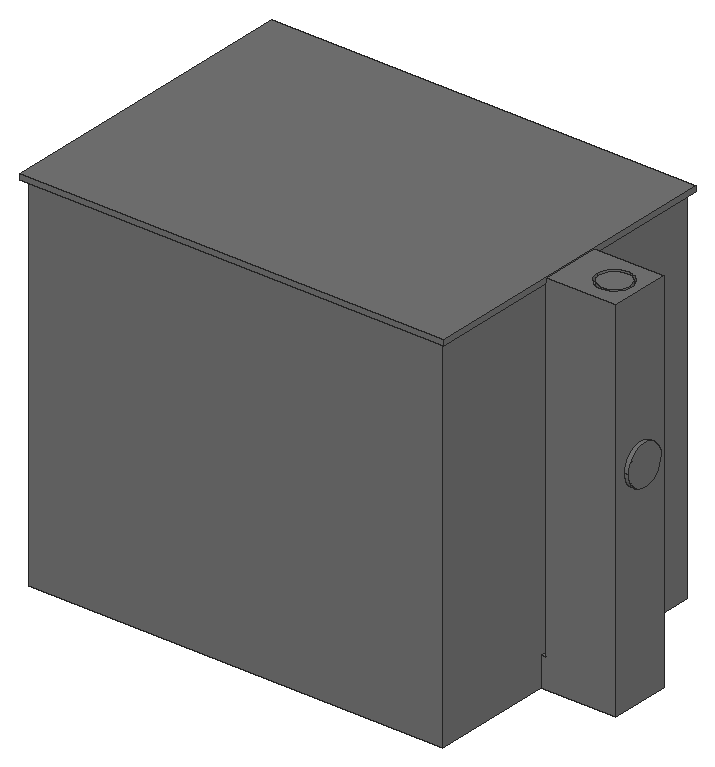
Revit family
Parameters (values of type "8450T04")
  Weight (lb) = 578
  Warranty = "1 year material and workmanship"  # constant formula
  URL = "http://www.jrsmith.com"
  Technical and Installation = "http://www.jrsmith.com/products/inter/tech_data_index.htm"
  SmartBIM Object Version = 3  # constant formula
  SmartBIM Object Created By = "Reed Construction Data"  # constant formula
  Product URL = "http://www.jrsmith.com/products/inter/submittal/d8400.pdf"
  OmniClass Title = "Fats, Oils, and Grease Disposal Systems"  # constant formula
  OmniClass Code = "22-22 13 19 13"  # constant formula
  Note = "Interceptor must have flow control."  # constant formula
  Model = "8450"
  Material Finish = Duco coated
  Material = Alluminum Paint Dark Gray
  Manufacturer = "Jay R. Smith Mfg. Co. "  # constant formula
  GREASE CAP = "150 Lbs"
  GPM Flow Rate = "75"
  Description = "Large Capacity Grease Interceptor"  # constant formula
  Default Elevation = 48"
  Clean Out Radius = Clean Out Diameter / 2  # 1 1/2"
  Clean Out Diameter = 3"
  Assembly Code = "D2030400"
  Action = ""
  95 CSI = "15155"  # constant formula
  04 CSI = "22 13 29"  # constant formula
Types (8): name | Weight (lb) | Model | GREASE CAP | GPM Flow Rate | Clean Out Radius | Clean Out Diameter
  (no name) | 578 | "8450" | "150 Lbs" | "75" | 1 1/2" | 3"
  8450T04 | 578 | "8450" | "150 Lbs" | "75" | 1 1/2" | 3"
  8460T04 | 721 | "8460" | "200 Lbs" | "100" | 1 1/2" | 3"
  8465T04 | 366 | "8465" | "300 Lbs" | "150" | 2" | 4"
  8470T04 | 1070 | "8470" | "400 Lbs" | "200" | 2" | 4"
  8475T04 | 1652 | "8475" | "500 Lbs" | "250" | 2" | 4"
  8480T04 | 2500 | "8480" | "700 Lbs" | "350" | 2" | 4"
  8490T04 | 3000 | "8490" | "1000 Lbs" | "500" | 2 1/2" | 5"
Reference planes (in)
  plane 1 "Center (Front/Back)": y = -1.36143
  plane 2: z = 0
  plane 3 "Center (Left/Right)": x = -3.77936
  plane 4: x = -28.77936
  plane 5: x = 21.22064
  plane 6: z = 37
  plane 7: y = 13.88857
  plane 8: y = -16.61143
  plane 9: z = 36.5
  plane 10: x = 13.22064
  plane 11: x = -28.27936
  plane 12: z = 0.25
  plane 13: z = 21.5
  plane 14: x = 20.72064
  plane 15: x = 18.22064
  plane 16: z = 37.5
  plane 17: y = 7.01357
Forms (in)
  Sweep 1, solid, material "Alluminum Paint Dark Gray" <- "Material"
    path origin (0, 0, 0) x (1, 0, 0) y (0, 1, 0)
      loop
        line (-28.27936, -16.61143) -> (13.22064, -16.61143) -> (13.22064, 13.88857) -> (-28.27936, 13.88857) -> (-28.27936, -16.61143)
    profile origin (-28.27936, -1.36143, 0) x (-1, 0, 0) y (0, 0, 1)
      loop
        line (0.5, 36.5) -> (0.5, 37) -> (0.25, 37) -> (-0.25, 37) -> (-0.25, 0) -> (0, 0) -> (0, 36.5) -> (0.5, 36.5)
  Extrusion 2, solid, material "Alluminum Paint Dark Gray" <- "Material"
    sketch origin (0, -1.36143, 0) x (1, 0, 0) y (0, 0, 1)
      loop
        line (13.72064, 37) -> (13.72064, 3) -> (13.22064, 3) -> (13.22064, 0) -> (20.72064, 0) -> (20.72064, 37) -> (13.72064, 37)
    from -3 to 3
  Extrusion 3, solid, material "Alluminum Paint Dark Gray"
    sketch origin (0, 0, 0) x (1, 0, 0) y (0, 1, 0)
      loop
        line (-28.02936, 13.63857) -> (-28.02936, -16.36143) -> (12.97064, -16.36143) -> (12.97064, 13.63857) -> (-28.02936, 13.63857)
    from 0 to 0.25
  Extrusion 4, solid, material "Alluminum Paint Dark Gray" <- "Material"
    sketch origin (-3.77936, 0, 0) x (0, 1, 0) y (0, 0, 1)
      loop
        circle (-1.36143, 21.5) r 2
    from 24.5 to 25
  Extrusion 5, solid, material "Alluminum Paint Dark Gray" <- "Material"
    sketch origin (-3.77936, 0, 0) x (0, 1, 0) y (0, 0, 1)
      loop
        circle (-1.36143, 21.5) r 2
    from -25 to -24.5
  Extrusion 6, solid, material "Alluminum Paint Dark Gray" <- "Material"
    sketch origin (0, 0, 0) x (1, 0, 0) y (0, 1, 0)
      loop
        circle (18.22064, -1.36143) r 1.5
    from 36.5 to 37
  Extrusion 7, solid, material "Alluminum Paint Dark Gray" <- "Material"
    sketch origin (0, 0, 0) x (1, 0, 0) y (0, 1, 0)
      loop
        line (-28.02936, -16.36143) -> (12.97064, -16.36143) -> (12.97064, 13.63857) -> (-28.02936, 13.63857) -> (-28.02936, -16.36143)
    from 36.5 to 37
  Extrusion 8, void
    sketch origin (0, 0, 0) x (1, 0, 0) y (0, 1, 0)
      loop
        circle (18.22064, -1.36143) r 1.75
    from 36.5 to 38.43577
Cuts and joins
  joined: Sweep 1, Extrusion 7
  Extrusion 8 cuts Extrusion 2
Dimensions and locks (in)
  equal spacing: plane 4, plane 3 "Center (Left/Right)", plane 5
  locked: plane 4 to plane 5 at 50
  locked: plane 6 to level at 37
  locked: plane 10 to plane 5 at 8
  locked: Extrusion 2 sketch curve to Extrusion 2 sketch curve at 0.5
  equal spacing: plane 7, plane 1 "Center (Front/Back)", plane 8
  locked: plane 7 to plane 8 at 30.5
  equal spacing: Extrusion 2, plane 1 "Center (Front/Back)", Extrusion 2
  locked: Extrusion 2 to Extrusion 2 at 6
  locked: plane 12 to level at 0.25
  locked: plane 13 to level at 21.5
  locked: plane 5 to plane 14 at 0.5
  locked: plane 15 to plane 5 at 3
  locked: plane 4 to plane 11 at 0.5
  locked: plane 6 to plane 9 at 0.5
  locked: plane 16 to plane 6 at 0.5
  radius of Extrusion 4 sketch curve = 2"  (x3)
  radius of Extrusion 5 sketch curve = 2"
  "Clean Out Radius": radius of Extrusion 6 sketch curve
  aligned and locked: plane 4 to Sweep 1 sketch curve
  aligned and locked: Sweep 1 sketch curve to plane 9
  aligned and locked: plane 11 to Sweep 1 sketch curve
  aligned and locked: level to Sweep 1 sketch curve
  aligned and locked: plane 6 to Sweep 1 sketch curve  (x2)
  aligned and locked: Sweep 1 sketch curve to plane 10
  aligned and locked: Sweep 1 sketch curve to plane 7
  aligned and locked: plane 8 to Sweep 1 sketch curve
  aligned and locked: Extrusion 2 sketch curve to plane 6
  aligned and locked: Extrusion 2 sketch curve to level
  aligned and locked: Extrusion 2 sketch curve to Sweep 1
  aligned and locked: Extrusion 2 sketch curve to plane 10
  aligned and locked: Extrusion 3 sketch curve to Sweep 1  (x4)
  aligned and locked: level to Extrusion 3
  aligned and locked: plane 12 to Extrusion 3
  aligned and locked: plane 1 "Center (Front/Back)" to Extrusion 4 sketch curve
  aligned and locked: plane 13 to Extrusion 4 sketch curve
  aligned and locked: plane 14 to Extrusion 2 sketch curve
  aligned and locked: Extrusion 4 to plane 14
  aligned and locked: Extrusion 4 to plane 5
  aligned and locked: plane 13 to Extrusion 5 sketch curve
  aligned and locked: plane 1 "Center (Front/Back)" to Extrusion 5 sketch curve
  aligned and locked: plane 4 to Extrusion 5
  aligned and locked: Extrusion 5 to plane 11
  aligned and locked: plane 1 "Center (Front/Back)" to Extrusion 6 sketch curve
  aligned and locked: plane 15 to Extrusion 6 sketch curve
  aligned and locked: Extrusion 7 sketch curve to Sweep 1  (x4)
  aligned and locked: Extrusion 7 to plane 9
  aligned and locked: plane 6 to Extrusion 7
  aligned and locked: cut or joined group of Sweep 1, Extrusion 7 to Extrusion 6
  aligned and locked: Extrusion 6 to cut or joined group of Sweep 1, Extrusion 7
Automatic sketch dimensions
  Sweep 1 sketch curve to plane 11 = 0"
  level to Extrusion 2 sketch curve = 3"
  Sweep 1 sketch curve to level = 0"
  profile plane to Sweep 1 sketch curve = 1/4"
  Sweep 1 sketch curve to Sweep 1 sketch curve = 1/4"
  Sweep 1 sketch curve to Sweep 1 sketch curve = 0"
  Extrusion 8 sketch curve to Extrusion 8 sketch curve = 0"  (x2)
  Extrusion 8 sketch curve to plane 1 "Center (Front/Back)" = 0"
  Extrusion 8 sketch curve to plane 15 = 0"
  plane 15 to Extrusion 8 sketch curve = 1 3/4"
Connectors (in)
  hvac at (21.22064, -1.36143, 21.5)
    settings: on Extrusion 4, index 1
  hvac at (-28.77936, -1.36143, 21.5)
    settings: on Extrusion 5, index 2
